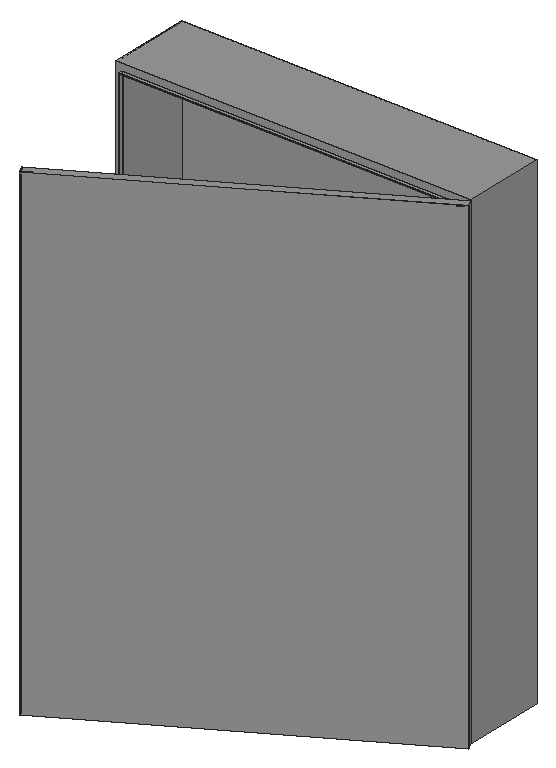
Revit family "Hager-Univers-IP54-D205-H1100-Cl.I-Encl-NoHosted-CH-it", category Electrical Equipment, Revit 2020
Family settings
  Panel Configuration = Two Columns, Circuits Across
  Round Connector Dimension = Use Diameter
  Part Type = Panelboard
  Work Plane-Based = Yes
  Always vertical = Yes
  Cut with Voids When Loaded = No
  Shared = No
  Room Calculation Point = No
Parameters (values of type "A parete IP54 L800 A1100 P205  - FP73TW2")
  Width Control [instance] = if([EF000008 - Larghezza] > Min Width, [EF000008 - Larghezza], Min Width)  # 800 mm
  Type Comments = [HG000003 - Gamma]  # "Univers"
  Thickness Door [instance] = if([EF009171 - spessore materiale porta/coperchio] > 3 mm, 3 mm, [EF009171 - spessore materiale porta/coperchio])  # 1 mm
  Seal Frame Offset [instance] = 17 mm  # constant formula
  Plinth Visibility [instance] = [HG000027 - Altezza dello zoccolo] > 0 mm  # no
  Min Width [instance] = 100 mm  # constant formula
  Min Depth [instance] = (2 * [EF009170 - spessore materiale scatola]) + 1 mm  # 3 mm
  Min Height [instance] = 100 mm  # constant formula
  Internal Frame Depth [instance] = (Door System Depth * 0.5)  # 9 mm
  Panel Name [instance] = ""  # (empty or 0)
  Model = ""
  HG000027 - Altezza dello zoccolo = 0 mm
  HG000026 - A pavimento = no
  HG000024 - Altezza della sezione inferiore = 600 mm
  HG000023 - Custodia a doppia sezione = no
  HG000016 - Visibilità delle porte nella vista 3D [instance] = yes
  HG000015 - Visibilità attraverso la porta [instance] = no
  HG000014 - Porta destra [instance] = yes
  HG000013 - Porta sinistra [instance] = not([HG000014 - Porta destra])  # no
  HG000012 - Angolo di apertura della porta [instance] = 30.00°
  HG000010 - Porte asimmetriche = no
  HG000009 - Porta doppia a battente = no
  HG000006 - Ad incasso = no
  HG000004 - Codice produttore = "FP73TW2"
  HG000003 - Gamma = "Univers"
  HG000002 - Con porta = yes
  Frame Offset Bottom [instance] = 10 mm  # constant formula
  Frame Offset [instance] = 15 mm  # constant formula
  EF015940 - Coprire con rilascio di sovrapressione = no
  EF011959 - tipo di protezione (NEMA) = ""
  EF009554 - numero delle aperture per la piastra della flangia = 6
  EF009212 - esecuzione coperchio = "EV000116 - chiuso"
  EF009171 - spessore materiale porta/coperchio = 1 mm
  EF009170 - spessore materiale scatola = 1 mm
  EF008873 - corrente nominale (In) = 250 A
  EF007800 - adatto per parafulmine = no
  EF006306 - con serratura = no
  EF006244 - coperchio/porta trasparente = no
  EF005474 - grado di protezione (IP) = "EV006419 - IP54"
  EF004464 - tipo di porta = "EV002646 - singolo"
  EF004427 - numero di moduli = 252
  EF004293 - resistenza agli urti = "EV006815 - IK09"
  EF003532 - adatto per uso esterno = no
  EF002950 - Numero moduli DIN = 36
  EF001613 - Integrità del circuito = "EV000494 - senza"
  EF001596 - Attacco Lampada = "EV000179 - acciaio"
  EF001131 - profondità interna = 130 mm
  EF001088 - possibilità di applicazione = yes
  EF000437 - numero di ingressi per conduttori = 6
  EF000339 - tipo di copertura = "EV001012 - coperchio"
  EF000266 - numero di file = 7
  EF000218 - profondità di incasso = 205 mm
  EF000118 - con piastra di montaggio = no
  EF000116 - numero RAL = "9010"
  EF000049 - profondità = 205 mm
  EF000040 - Altezza = 1100 mm
  EF000008 - Larghezza = 800 mm
  EF000007 - colore = "EV000202 - bianco"
  EF000003 - Tipo di montaggio = "EV000384 - A parete"
  Door System Leaf Tolerance [instance] = 1.5 mm  # constant formula
  Door System Depth [instance] = 18 mm  # constant formula
  Door Height [instance] = Height Control - [HG000027 - Altezza dello zoccolo]  # 1100 mm
  Description = ""
  Default Elevation = 1219.2 mm
  Connector Offset [instance] = Height Control / 2  # 550 mm
  Manufacturer = "Hager"  # constant formula
  Height Control [instance] = if([EF000040 - Altezza] > Min Height, [EF000040 - Altezza], Min Height)  # 1100 mm
  Depth Control [instance] = if([EF000049 - profondità] > Min Depth, [EF000049 - profondità], Min Depth)  # 205 mm
  Bottom Top Plate Trim [instance] = 1.5 mm  # constant formula
  Plinth height Ctrl [instance] = if([HG000027 - Altezza dello zoccolo] > 0 mm, [HG000027 - Altezza dello zoccolo], 12 mm)  # 12 mm
Types (4, lengths in mm): name | Width Control | HG000004 - Codice produttore | EF009554 - numero delle aperture per la piastra della flangia | EF004464 - tipo di porta | EF004427 - numero di moduli | EF002950 - Numero moduli DIN | EF000437 - numero di ingressi per conduttori | EF000008 - Larghezza
  A parete IP54 L1050 A1100 P205  - FP74TW2 | 1050 | "FP74TW2" | 8 | "EV003602 - doppio" | 336 | 48 | 8 | 1050
  A parete IP54 L1300 A1100 P205  - FP75TW2 | 1300 | "FP75TW2" | 10 | "EV003602 - doppio" | 420 | 60 | 10 | 1300
  A parete IP54 L550 A1100 P205  - FP72TW2 | 550 | "FP72TW2" | 4 | "EV002646 - singolo" | 168 | 24 | 4 | 550
  A parete IP54 L800 A1100 P205  - FP73TW2 | 800 | "FP73TW2" | 6 | "EV002646 - singolo" | 252 | 36 | 6 | 800
Reference planes
  plane 1 "Center (Front/Back)": y = 0
  plane 2: z = 0
  plane 3 "Center (Left/Right)": x = 0
  plane 4: y = 0
  plane 5: y = 0
  plane 6: z = 0
  plane 7: x = -400
  plane 8: x = 400
  plane 9: x = 399
  plane 10: x = -399
  plane 11: z = 0
  plane 12: z = 1
  plane 13: y = -205
  plane 14: y = -1
  plane 15: x = 0
  plane 16: y = -187
  plane 17: y = -204
  plane 18: y = -186
  plane 19: x = -384
  plane 20: x = 384
  plane 21: z = 11
  plane 22: x = -383
  plane 23: x = 383
  plane 24: z = 0
  plane 25: z = 1100
  plane 26: z = 1100
  plane 27: z = 1084
  plane 28: z = 1099
Forms (mm)
  Extrusion 1, solid, material "Hager_Steel_RAL7035_Light_Grey", detail levels medium+fine
    sketch origin (-208.679, -4572, 0) x (-1, 0, 0) y (0, -1, 0)
      loop
        line (191.321, -4385) -> (-608.679, -4385) -> (-608.679, -4572) -> (191.321, -4572) -> (191.321, -4385)
    from 0 to 1100
  Extrusion 2, void
    sketch origin (-350.771, -205, 1219.2) x (1, 0, 0) y (0, 0, 1)
      loop
        line (-48.229, -120.2) -> (-48.229, -1218.2) -> (749.771, -1218.2) -> (749.771, -120.2) -> (-48.229, -120.2)
    from -19 to -204
  Extrusion 3, void
    sketch origin (-290.084, -187, 1219.2) x (1, 0, 0) y (0, 0, 1)
      loop
        line (-93.916, -1208.2) -> (674.084, -1208.2) -> (674.084, -135.2) -> (-93.916, -135.2) -> (-93.916, -1208.2)
    from 0 to -1
  Extrusion 4, solid, material "Hager_Steel_RAL7035_Light_Grey", visible <- "Plinth Visibility", detail levels medium+fine
    sketch origin (0, 0, 0) x (1, 0, 0) y (0, 1, 0)
      loop
        line (-400, 0) -> (-400, -187) -> (400, -187) -> (400, 0) -> (-400, 0)
    from 0 to 12 <- "Plinth height Ctrl"
  Extrusion 5, solid, material "Hager_Steel_RAL7035_Light_Grey", detail levels coarse
    sketch origin (0, 0, 0) x (1, 0, 0) y (0, 1, 0)
      loop
        line (-400, 0) -> (-400, -205) -> (400, -205) -> (400, 0) -> (-400, 0)
    from 0 to 1100 <- "Height Control"
  Sweep 6, void
    path in 3D
      loop
        line (-400, -187, 12) -> (400, -187, 12) -> (400, 0, 12) -> (-400, 0, 12) -> (-400, -187, 12)
    profile origin (-400, -93.5, 12) x (1, 0, 0) y (0, 0, 1)
      loop
        line (0, 0) -> (0, -1.5) -> (1.5, -1.5)
        arc (1.5, -1.5) -> (1.061, -0.439) -> (0, 0) r 1.5
  Extrusion 7, solid, material "Hager_Steel_RAL7035_Light_Grey", detail levels fine
    sketch origin (-400, -187, 0) x (1, 0, 0) y (0, 0, 1)
      loop
        line (16, 11) -> (784, 11) -> (784, 1084) -> (16, 1084) -> (16, 11)
      loop
        line (15, 10) -> (785, 10) -> (785, 1085) -> (15, 1085) -> (15, 10)
    from 0 to 9 <- "Internal Frame Depth"
Cuts and joins
  Extrusion 2, Extrusion 3 cuts Extrusion 1
  Sweep 6 cuts Extrusion 4
Lines and regions (mm)
  Masking region 1
    outline origin (0, 0, 0) x (1, 0, 0) y (0, 1, 0)
      loop
        line (-400, 0) -> (-400, -205) -> (400, -205) -> (400, 0) -> (-400, 0)
  Masking region 2, detail levels coarse
    outline origin (-290.084, -187, 1219.2) x (-1, 0, 0) y (0, 0, 1)
      loop
        line (-690.084, -1219.2) -> (109.916, -1219.2) -> (109.916, -119.2) -> (-690.084, -119.2) -> (-690.084, -1219.2)
  Masking region 3, detail levels coarse
    outline origin (0, 0, 0) x (0, 1, 0) y (0, 0, 1)
      loop
        line (0, 0) -> (0, 1100) -> (-205, 1100) -> (-205, 0) -> (0, 0)
  Masking region 4, visible <- "Plinth Visibility", detail levels medium+fine
    outline origin (0, 0, 0) x (0, 1, 0) y (0, 0, 1)
      loop
        line (-1.5, 12) -> (-185.5, 12)
        arc (-185.5, 12) -> (-185.939, 10.939) -> (-187, 10.5) r 1.5
        line (-187, 10.5) -> (-187, 0) -> (0, 0) -> (0, 10.5)
        arc (0, 10.5) -> (-1.061, 10.939) -> (-1.5, 12) r 1.5
  Masking region 5, detail levels medium+fine
    outline origin (0, 0, 594.038) x (0, 1, 0) y (0, 0, 1)
      loop
        line (0, -594.038) -> (0, 505.962) -> (-187, 505.962) -> (-187, -594.038) -> (0, -594.038)
  Masking region 6, detail levels medium+fine
    outline origin (-359.7, -187, 1211.883) x (-1, 0, 0) y (0, 0, 1)
      loop
        line (-759.7, -1211.883) -> (40.3, -1211.883) -> (40.3, -111.883) -> (-759.7, -111.883) -> (-759.7, -1211.883)
  Masking region 7, visible <- "Plinth Visibility", detail levels medium+fine
    outline origin (-320.334, -187, 1041.368) x (-1, 0, 0) y (0, 0, 1)
      loop
        line (-720.334, -1041.368) -> (79.666, -1041.368) -> (79.666, -1030.868)
        arc (79.666, -1030.868) -> (78.606, -1030.429) -> (78.166, -1029.368) r 1.5
        line (78.166, -1029.368) -> (-718.834, -1029.368)
        arc (-718.834, -1029.368) -> (-719.273, -1030.429) -> (-720.334, -1030.868) r 1.5
        line (-720.334, -1030.868) -> (-720.334, -1041.368)
  sketch lines
    curve 1: line (-400, 0, 12) -> (-400, -187, 12)
    curve 2: line (-400, -187, 12) -> (400, -187, 12)
    curve 3: line (400, 0, 12) -> (-400, 0, 12)
    curve 4: line (400, -187, 12) -> (400, 0, 12)
Dimensions and locks
  locked: plane 1 "Center (Front/Back)" to plane 5
  "EF009170 - spessore materiale scatola": plane 7 to plane 10
  "EF009170 - spessore materiale scatola": plane 8 to plane 9
  equal spacing: plane 7, plane 3 "Center (Left/Right)", plane 8
  "Width Control": plane 7 to plane 8
  "Depth Control": plane 4 to plane 13
  "EF009170 - spessore materiale scatola": plane 4 to plane 14
  "Height Control": plane 25 to level
  "HG000027 - Altezza dello zoccolo": plane 11 to level
  "EF009170 - spessore materiale scatola": plane 12 to plane 11
  "EF009170 - spessore materiale scatola": plane 17 to plane 13
  "EF009170 - spessore materiale scatola": plane 18 to plane 16
  "Frame Offset Bottom": plane 21 to plane 12
  "Frame Offset": plane 10 to plane 19
  "Frame Offset": plane 9 to plane 20
  "Door System Depth": plane 16 to plane 13
  "Seal Frame Offset": plane 7 to plane 22
  "Seal Frame Offset": plane 8 to plane 23
  "EF009170 - spessore materiale scatola": plane 26 to plane 28
  "Frame Offset": plane 28 to plane 27
  "Connector Offset": plane 2 to connector elem
  "Bottom Top Plate Trim": profile plane to Sweep 6 sketch curve
  "Bottom Top Plate Trim": Sweep 6 sketch curve to Sweep 6 sketch curve
  "Plinth height Ctrl": Masking region 4 sketch curve to level
  "Plinth height Ctrl": Masking region 7 sketch curve to level
  "Thickness Door": Extrusion 7 sketch curve to Extrusion 7 sketch curve  (x4)
  "Bottom Top Plate Trim": radius of Sweep 6 sketch curve
  "Bottom Top Plate Trim": radius of Masking region 4 sketch curve  (x2)
  "Bottom Top Plate Trim": radius of Masking region 7 sketch curve  (x2)
  aligned and locked: Extrusion 2 sketch curve to plane 12
  aligned and locked: Extrusion 2 sketch curve to plane 9
  aligned and locked: Extrusion 2 sketch curve to plane 10
  aligned and locked: Extrusion 2 to plane 14
  aligned and locked: Extrusion 1 sketch curve to plane 4
  aligned and locked: plane 8 to Extrusion 1 sketch curve
  aligned and locked: plane 7 to Extrusion 1 sketch curve
  aligned and locked: Extrusion 2 to plane 18
  aligned and locked: Extrusion 3 sketch curve to plane 19
  aligned and locked: plane 20 to Extrusion 3 sketch curve
  aligned and locked: Extrusion 3 to Extrusion 2
  aligned and locked: Extrusion 3 sketch curve to plane 21
  aligned and locked: plane 3 "Center (Left/Right)" to nested 1
  aligned and locked: Extrusion 1 sketch curve to plane 16
  aligned and locked: Extrusion 4 sketch curve to cut or joined group of Extrusion 1, Extrusion 2, Extrusion 3
  aligned and locked: Masking region 1 sketch curve to plane 7
  aligned and locked: Masking region 1 sketch curve to plane 5
  aligned and locked: Masking region 1 sketch curve to plane 8
  aligned and locked: Masking region 2 sketch curve to level
  aligned and locked: level to Masking region 3 sketch curve
  aligned and locked: plane 1 "Center (Front/Back)" to Masking region 3 sketch curve
  aligned and locked: plane 13 to Masking region 3 sketch curve
  aligned and locked: plane 5 to Masking region 4 sketch curve
  aligned and locked: Masking region 2 sketch curve to plane 8
  aligned and locked: Masking region 2 sketch curve to plane 7
  aligned and locked: plane 7 to nested 2
  aligned and locked: nested 2 to plane 5
  aligned and locked: plane 5 to Masking region 5 sketch curve
  aligned and locked: plane 26 to Masking region 5 sketch curve
  aligned and locked: Extrusion 5 sketch curve to plane 8
  aligned and locked: Extrusion 5 sketch curve to plane 7
  aligned and locked: Extrusion 5 sketch curve to plane 5
  aligned and locked: Extrusion 3 sketch curve to plane 27
  aligned and locked: Extrusion 2 sketch curve to plane 28
  aligned and locked: Masking region 2 to plane 25
  aligned and locked: Extrusion 4 to plane 16
  aligned and locked: profile plane to Sweep 6 sketch curve
  aligned and locked: Masking region 5 sketch curve to plane 24
  aligned and locked: level to Masking region 4 sketch curve
  aligned and locked: Masking region 1 to plane 13
  aligned and locked: nested 1 to plane 16
  aligned and locked: Masking region 3 to plane 25
  aligned and locked: plane 16 to Masking region 4 sketch curve
  aligned and locked: Masking region 5 sketch curve to plane 16
  aligned and locked: plane 24 to plane 11
  aligned and locked: plane 26 to plane 25
  aligned and locked: plane 26 to cut or joined group of Extrusion 1, Extrusion 2, Extrusion 3
  aligned and locked: nested 1 to plane 24
  aligned and locked: Extrusion 1 to Extrusion 3
  aligned and locked: Masking region 6 sketch curve to plane 8
  aligned and locked: Masking region 6 sketch curve to plane 24
  aligned and locked: Masking region 6 sketch curve to plane 7
  aligned and locked: Masking region 6 sketch curve to plane 26
  aligned and locked: Masking region 7 sketch curve to plane 7
  aligned and locked: level to Masking region 7 sketch curve
  aligned and locked: Masking region 7 sketch curve to plane 8
  aligned and locked: Extrusion 7 sketch curve to cut or joined group of Extrusion 1, Extrusion 2, Extrusion 3  (x4)
Automatic sketch dimensions
  plane 19 to Extrusion 3 sketch curve = 0 mm
  Extrusion 3 sketch curve to plane 20 = 0 mm
  Extrusion 3 sketch curve to plane 21 = 0 mm
  Extrusion 4 sketch curve to plane 7 = 0 mm
  Extrusion 4 sketch curve to plane 8 = 0 mm
  Extrusion 4 sketch curve to plane 16 = 0 mm
  Masking region 1 sketch curve to plane 13 = 0 mm
  Masking region 2 sketch curve to plane 25 = 0 mm
  Masking region 3 sketch curve to plane 25 = 0 mm
  Extrusion 5 sketch curve to plane 13 = 0 mm
  profile plane to Sweep 6 sketch curve = 0 mm
Nested families
  nested 1: "EC000058_Univers_Door" at (0, -187, 0), Double <- "HG000009 - Porta doppia a battente", Transparent <- "EF006244 - coperchio/porta trasparente", Angle <- "HG000012 - Angolo di apertura della porta", Door_Right <- "HG000014 - Porta destra", Assymetrical <- "HG000010 - Porte asimmetriche", Door <- "HG000002 - Con porta", Width_Ctrl <- "Width Control", 3d_Door <- "HG000016 - Visibilità delle porte nella vista 3D", Clearance <- "HG000015 - Visibilità attraverso la porta", Door_Left <- "HG000013 - Porta sinistra", Width <- "Width Control", Door_Depth <- "Door System Depth", Leaf_Tolerance <- "Door System Leaf Tolerance", Height <- "Door Height", Lock_Visibility <- "EF006306 - con serratura", Thickness <- "Thickness Door", type "EC000058_Univers_Door", detail levels medium+fine
    with min_wh 3 mm, Width_Ctrl 800 mm, Width 800 mm, Transparent no, Thickness 1 mm, Seal_Material Hager_Rubber, Lock_Visibility no, Lock_Material Hager_Plastic_RAL9005_Jet_Black, Leaf_Width 800 mm, Leaf_Tolerance_External_Sides 0 mm, Leaf_Tolerance 1.5 mm, Leaf_Offset 0 mm, Leaf_Height 1097 mm, Leaf_2_Width 800 mm, Leaf_2_Offset 400 mm, Leaf_1_Width 800 mm, Leaf_1_Offset 400 mm, Height_Ctrl 1100 mm, Height 1100 mm, Glass_Material Hager_Glass, Double_Clearance_Ctrl no, Double no, Door_Right_Ctrl yes, Door_Right yes, Door_Material Hager_Steel_RAL7035_Light_Grey, Door_Left_Ctrl no, Door_Left no, Door_Depth 18 mm, Door yes, Clearance_Material Hager_Clearance, Clearance_Depth 800 mm, Clearance_Ctrl no, Clearance no, Assymetrical no, Angle 30.00°, 3d_Door yes
  nested 2: "Hager_Enclosure_Symbol" at (-400, 0, 0), Height <- "Depth Control", Width <- "Width Control", type "Hager_Enclosure_Symbol"
    with Width_Ctrl 800 mm, Width 800 mm, Height_Ctrl 205 mm, Height 205 mm, A_Width_Int 13.453 mm, A_Width 161.438 mm, A_Height_Ctrl 179.375 mm, A_Height 179.375 mm
Connectors
  electrical at (0, 0, 550)
    settings: on plane 1 "Center (Front/Back)", index 1, voltage 0 V, apparent load 0 VA, apparent load phase1 0 VA, apparent load phase2 0 VA, apparent load phase3 0 VA, power factor 1, load classification "Other", number of poles 1, system type 30, power factor state 1, is connector primary yes, connector utility no, sub classification motor no, connector description ""
Definition of nested family "EC000058_Univers_Door"
  Parameters (values of type "EC000058_Univers_Door")
    min_wh [instance] = (2 * Thickness) + 1 mm  # 11 mm
    Width_Ctrl [instance] = 400 mm
    Width [instance] = 500 mm
    Transparent [instance] = yes
    Thickness [instance] = 5 mm
    Seal_Material [instance] = none
    Lock_Visibility [instance] = yes
    Lock_Material [instance] = none
    Leaf_Width [instance] = if((Width_Ctrl - 2 * Leaf_Tolerance_External_Sides) > 0 mm, (Width_Ctrl - 2 * Leaf_Tolerance_External_Sides), min_wh)  # 400 mm
    Leaf_Tolerance_External_Sides [instance] = 0 mm  # constant formula
    Leaf_Tolerance [instance] = 1.5 mm
    Leaf_Offset [instance] = 0 mm  # constant formula
    Leaf_Height [instance] = if((Height_Ctrl - 2 * Leaf_Tolerance) > 0 mm, (Height_Ctrl - 2 * Leaf_Tolerance), min_wh)  # 497 mm
    Leaf_2_Width [instance] = if(and(and(Double, Assymetrical), Door_Left), (Leaf_Width / 3) - (Leaf_Tolerance / 2), if(and(and(Double, Assymetrical), Door_Right), (Leaf_Width / 3) * 2 - (Leaf_Tolerance / 2), if(and(Double, not(Assymetrical)), (Leaf_Width / 2) - Leaf_Tolerance, Leaf_Width)))  # 400 mm
    Leaf_2_Offset [instance] = if(and(Double, Assymetrical), Leaf_2_Width / 2, if(and(Double, not(Assymetrical)), Leaf_Width / 4, Leaf_Width / 2))  # 200 mm
    Leaf_1_Width [instance] = if(and(and(Double, Assymetrical), Door_Right), (Leaf_Width / 3) - (Leaf_Tolerance / 2), if(and(and(Double, Assymetrical), Door_Left), (Width / 3) * 2 - (Leaf_Tolerance / 2), if(and(Double, not(Assymetrical)), (Leaf_Width / 2) - Leaf_Tolerance, Leaf_Width)))  # 400 mm
    Leaf_1_Offset [instance] = if(and(Double, Assymetrical), Leaf_1_Width / 2, if(and(Double, not(Assymetrical)), Leaf_Width / 4, Leaf_Width / 2))  # 200 mm
    Height_Ctrl [instance] = if(Height > min_wh, Height, min_wh)  # 500 mm
    Height [instance] = 500 mm
    Glass_Material [instance] = none
    Double_Clearance_Ctrl [instance] = and(Double, Clearance)  # no
    Double [instance] = no
    Door_Right_Ctrl [instance] = and(or(Door_Right, Double), Door)  # yes
    Door_Right [instance] = yes
    Door_Material [instance] = none
    Door_Left_Ctrl [instance] = and(or(Door_Left, Double), Door)  # no
    Door_Left [instance] = no
    Door_Depth [instance] = 30 mm
    Door [instance] = yes
    Default Elevation = 1219.2 mm
    Clearance_Material [instance] = none
    Clearance_Depth [instance] = if(Leaf_1_Width > Leaf_2_Width, Leaf_1_Width, Leaf_2_Width)  # 400 mm
    Clearance_Ctrl [instance] = and(not(Double), Clearance)  # yes
    Clearance [instance] = yes
    Assymetrical [instance] = yes
    Angle [instance] = 30.00°
    3d_Door [instance] = yes
  Reference planes
    plane 1 "Center (Front/Back)": y = 0
    plane 2 "Bottom": z = 0
    plane 3 "Center (Left/Right)": x = 0
    plane 4: z = 500
    plane 5: x = -200
    plane 6: x = 200
    plane 7: z = 500
    plane 8: x = -200
    plane 9: z = 0
    plane 10: x = 200
    plane 11: y = 0
    plane 12: z = 1.5
    plane 13: x = -600
    plane 14: y = -400
    plane 15: x = 600
    plane 16: x = 0
    plane 17: x = 0
    plane 18: x = -200
    plane 19: x = 200
    plane 20: z = 498.5
  Forms (mm)
    Extrusion 1, solid, material <- "Clearance_Material", visible <- "Double_Clearance_Ctrl"
      sketch origin (1200, 0, 0) x (1, 0, 0) y (0, 0, -1)
        loop
          line (-1800, -498.5) -> (-600, -498.5) -> (-600, 0) -> (-1800, 0) -> (-1800, -498.5)
      from 0 to -400
  Dimensions and locks
    equal spacing: plane 5, plane 3 "Center (Left/Right)", plane 6
    "Width_Ctrl": plane 5 to plane 6
    "Leaf_Offset": plane 5 to plane 8
    "Leaf_Offset": plane 6 to plane 10
    "Leaf_Offset": plane 9 to level
    "Leaf_Offset": plane 4 to plane 7
    "Height_Ctrl": plane 4 to level
    "Leaf_Tolerance": plane 12 to plane 9
    locked: plane 11 to plane 1 "Center (Front/Back)"
    "Leaf_1_Offset": plane 18 to plane 16
    "Leaf_2_Offset": plane 17 to plane 19
    "Leaf_1_Width": plane 13 to plane 8
    "Leaf_2_Width": plane 10 to plane 15
    "Clearance_Depth": plane 14 to plane 1 "Center (Front/Back)"
    "Leaf_Tolerance_External_Sides": plane 8 to plane 18
    "Leaf_Tolerance_External_Sides": plane 19 to plane 10
    "Leaf_Tolerance": plane 7 to plane 20
    aligned and locked: level to plane 2 "Bottom"
    aligned and locked: nested 1 to plane 16
    aligned and locked: nested 2 to plane 17
    aligned and locked: Extrusion 1 to plane 13
    aligned and locked: plane 15 to Extrusion 1
    aligned and locked: Extrusion 1 to plane 14
    aligned and locked: plane 12 to nested 1
    aligned and locked: nested 2 to plane 12
    aligned and locked: Extrusion 1 to plane 11
    aligned and locked: plane 20 to Extrusion 1
    aligned and locked: nested 2 to plane 11
    aligned and locked: nested 1 to plane 11
  Automatic sketch dimensions
    Extrusion 1 sketch curve to level = 0 mm
    plane 5 to Extrusion 1 sketch curve = 400 mm
    plane 6 to Extrusion 1 sketch curve = 400 mm
    Extrusion 1 sketch curve to plane 4 = 1.5 mm
  Nested families
    nested 1: "EC000058_Univers_Door_Leaf" at (0, 0, 1.5), Width <- "Leaf_1_Width", visible <- "Door_Left_Ctrl", Leaf_Height <- "Leaf_Height", Angle <- "Angle", 3d_Door <- "3d_Door", Transparent <- "Transparent", Clearance Material <- "Clearance_Material", Clearance <- "Clearance_Ctrl", Door_Material <- "Door_Material", Glass_Material <- "Glass_Material", Door_Depth <- "Door_Depth", Lock_Material <- "Lock_Material", Seal_Material <- "Seal_Material", Lock_Visibility <- "Lock_Visibility", Thickness <- "Thickness", type "EC000058_Univers_Door_Leaf"
      with Width 400 mm, Transparent_Glass_Offset 30 mm, Transparent_Ctrl yes, Transparent yes, Thickness 5 mm, Standard no, Seal_Material none, Seal_D2 8 mm, Seal_D1 1 mm, Offset_Internal_Frame 10 mm, Lock_Width 20 mm, Lock_Visibility_3d yes, Lock_Visibility yes, Lock_Thickness_3 3 mm, Lock_Thickness_2 1 mm, Lock_Thickness_1 3 mm, Lock_Radius_Offset_2 16 mm, Lock_Radius_Offset_1 15 mm, Lock_Radius_2 5 mm, Lock_Radius 6 mm, Lock_Offset 5 mm, Lock_Material none, Lock_Height 80 mm, Lock_Cover_Top_Offset_2d 17 mm, Lock_Cover_Height -65 mm, Leaf_Height 497 mm, Internal_Seal_Thickness 8 mm, Internal_Seal_Depth_2 4.5 mm, Internal_Frame_Depth 25 mm, Glass_Thickness -1 mm, Glass_Offset -2 mm, Glass_Material none, Door_Material none, Door_Depth 30 mm, Clearance Material none, Clearance yes, Angle_Ctrl 30.00°, Angle 30.00°, 3d_Door yes
    nested 2: "EC000058_Univers_Door_Leaf" at (0, 0, 1.5) x (-1, 0, 0) z (0, 0, 1), Width <- "Leaf_2_Width", visible <- "Door_Right_Ctrl", Leaf_Height <- "Leaf_Height", Angle <- "Angle", 3d_Door <- "3d_Door", Transparent <- "Transparent", Clearance Material <- "Clearance_Material", Clearance <- "Clearance_Ctrl", Door_Material <- "Door_Material", Glass_Material <- "Glass_Material", Door_Depth <- "Door_Depth", Lock_Material <- "Lock_Material", Seal_Material <- "Seal_Material", Lock_Visibility <- "Lock_Visibility", Thickness <- "Thickness", type "EC000058_Univers_Door_Leaf"
      with Width 400 mm, Transparent_Glass_Offset 30 mm, Transparent_Ctrl yes, Transparent yes, Thickness 5 mm, Standard no, Seal_Material none, Seal_D2 8 mm, Seal_D1 1 mm, Offset_Internal_Frame 10 mm, Lock_Width 20 mm, Lock_Visibility_3d yes, Lock_Visibility yes, Lock_Thickness_3 3 mm, Lock_Thickness_2 1 mm, Lock_Thickness_1 3 mm, Lock_Radius_Offset_2 16 mm, Lock_Radius_Offset_1 15 mm, Lock_Radius_2 5 mm, Lock_Radius 6 mm, Lock_Offset 5 mm, Lock_Material none, Lock_Height 80 mm, Lock_Cover_Top_Offset_2d 17 mm, Lock_Cover_Height -65 mm, Leaf_Height 497 mm, Internal_Seal_Thickness 8 mm, Internal_Seal_Depth_2 4.5 mm, Internal_Frame_Depth 25 mm, Glass_Thickness -1 mm, Glass_Offset -2 mm, Glass_Material none, Door_Material none, Door_Depth 30 mm, Clearance Material none, Clearance yes, Angle_Ctrl 30.00°, Angle 30.00°, 3d_Door yes
  Definition of nested family "EC000058_Univers_Door_Leaf"
    Parameters (values of type "EC000058_Univers_Door_Leaf")
      Width [instance] = 2000 mm
      Transparent_Glass_Offset [instance] = 30 mm
      Transparent_Ctrl [instance] = and(Transparent, [3d_Door])  # yes
      Transparent [instance] = yes
      Thickness [instance] = 5 mm
      Standard [instance] = and(not(Transparent), [3d_Door])  # no
      Seal_Material [instance] = none
      Seal_D2 [instance] = 8 mm  # constant formula
      Seal_D1 [instance] = 1 mm  # constant formula
      Offset_Internal_Frame [instance] = 10 mm  # constant formula
      Lock_Width [instance] = 20 mm  # constant formula
      Lock_Visibility_3d [instance] = and(Lock_Visibility, [3d_Door])  # yes
      Lock_Visibility [instance] = yes
      Lock_Thickness_3 [instance] = 3 mm  # constant formula
      Lock_Thickness_2 [instance] = 1 mm  # constant formula
      Lock_Thickness_1 [instance] = 3 mm  # constant formula
      Lock_Radius_Offset_2 [instance] = Lock_Radius_Offset_1 + 1 mm  # 16 mm
      Lock_Radius_Offset_1 [instance] = 15 mm  # constant formula
      Lock_Radius_2 [instance] = Lock_Radius - 1 mm  # 5 mm
      Lock_Radius [instance] = 6 mm  # constant formula
      Lock_Offset [instance] = 5 mm  # constant formula
      Lock_Material [instance] = none
      Lock_Height [instance] = 80 mm  # constant formula
      Lock_Cover_Top_Offset_2d [instance] = Lock_Radius_Offset_2 + 1 mm  # 17 mm
      Lock_Cover_Height [instance] = -(Lock_Height - Lock_Radius_Offset_1)  # -65 mm
      Leaf_Height [instance] = 2720.336 mm
      Internal_Seal_Thickness [instance] = 8 mm  # constant formula
      Internal_Seal_Depth_2 [instance] = 4.5 mm  # constant formula
      Internal_Frame_Depth [instance] = if(Door_Depth - Thickness > 5 mm, Door_Depth - Thickness, 5 mm)  # 25 mm
      Glass_Thickness [instance] = if(Thickness > 15 mm, Glass_Offset + 10 mm, -1 mm)  # -1 mm
      Glass_Offset [instance] = if(Thickness > 15 mm, -(Thickness + 10 mm) / 2, -2 mm)  # -2 mm
      Glass_Material [instance] = none
      Door_Material [instance] = none
      Door_Depth [instance] = 30 mm
      Default Elevation = 0 mm
      Clearance Material [instance] = none
      Clearance [instance] = yes
      Angle_Ctrl [instance] = if(Angle > 180.00°, 180.00°, Angle)  # 90.00°
      Angle [instance] = 90.00°
      3d_Door [instance] = yes
    Reference planes
      plane 1 "Center (Front/Back)": y = 0
      plane 2: z = 0
      plane 3 "Center (Left/Right)": x = 0
      plane 4: y = 2000
      plane 5: x = -1000
      plane 6: x = 1000
      plane 7: x = -3000
      plane 8: z = 2720.336
      plane 9: z = 30
      plane 10: z = 2690.336
      plane 11: x = 970
      plane 12: x = -970
      plane 13: y = -3
      plane 14: z = 107.833
      plane 15: y = -5
      plane 16: y = -223.314
      plane 17: x = -1000
      plane 18: z = 1360.168
      plane 19: y = 30
    Forms (mm)
      Extrusion 1, solid, material <- "Clearance Material", visible <- "Clearance"
        sketch origin (0, 0, 0) x (1, 0, 0) y (0, 0, 1)
          loop
            line (-3000, 2720.336) -> (-3000, 0) -> (1000, 0) -> (1000, 2720.336) -> (-3000, 2720.336)
        from 0 to -2000
      Extrusion 2, solid, material <- "Door_Material", visible <- "Standard", detail levels medium+fine
        sketch origin (-1000, 0, 0) x (0, 1, 0) y (-1, 0, 0)
          loop
            line (0, 30) -> (0, 25) -> (2000, 25) -> (2000, 30) -> (0, 30)
        from 0 to 2720.336 <- "Leaf_Height"
      Extrusion 3, solid, material <- "Door_Material", visible <- "Transparent_Ctrl", detail levels medium+fine
        sketch origin (-1000, 0, 0) x (0, 1, 0) y (-1, 0, 0)
          loop
            line (0, 25) -> (2000, 25) -> (2000, 30) -> (0, 30) -> (0, 25)
        from 0 to 2720.336 <- "Leaf_Height"
      Extrusion 4, void
        sketch origin (-1025, 2000, 0) x (0, 1, 0) y (0, 0, -1)
          loop
            line (-30, -2690.336) -> (-30, -30) -> (-1970, -30) -> (-1970, -2690.336) -> (-30, -2690.336)
        from 0 to 5 <- "Thickness"
      Sweep 5, solid, material <- "Seal_Material", visible <- "Transparent_Ctrl", detail levels fine
        path in 3D
          loop
            line (-1025, 30, 30) -> (-1025, 30, 2690.336) -> (-1025, 1970, 2690.336) -> (-1025, 1970, 30) -> (-1025, 30, 30)
        profile origin (-1025, 1000, 30) x (1, 0, 0) y (0, 0, 1)
          loop
            line (0, 0) -> (0, -8) -> (1, -8) -> (1, 0) -> (0, 0)
      Extrusion 6, solid, material <- "Glass_Material", visible <- "Transparent_Ctrl", detail levels medium+fine
        sketch origin (-1030, 0, 0) x (0, 1, 0) y (0, 0, -1)
          loop
            line (1970, -2690.336) -> (1970, -30) -> (30, -30) -> (30, -2690.336) -> (1970, -2690.336)
        from -2 <- "Glass_Offset" to -1 <- "Glass_Thickness"
      Extrusion 7, solid, material <- "Door_Material", visible <- "3d_Door", detail levels medium+fine
        sketch origin (-1025, 2000, 0) x (0, -1, 0) y (0, 0, -1)
          loop
            line (0, -2720.336) -> (2000, -2720.336) -> (2000, 0) -> (0, 0) -> (0, -2720.336)
          loop
            line (1995, -5) -> (5, -5) -> (5, -2715.336) -> (1995, -2715.336) -> (1995, -5)
        from 0 to 25 <- "Internal_Frame_Depth"
      Sweep 8, solid, material <- "Seal_Material", visible <- "Transparent_Ctrl", detail levels fine
        path in 3D
          loop
            line (-1025, 0, 0) -> (-1025, 2000, 0) -> (-1025, 2000, 2720.336) -> (-1025, 0, 2720.336) -> (-1025, 0, 0)
        profile origin (-1025, 0, 1360.168) x (1, 0, 0) y (0, 1, 0)
          loop
            line (0, 10) -> (2.975, 10)
            arc (2.975, 10) -> (4.053, 10.447) -> (4.5, 11.525) r 1.525
            line (4.5, 11.525) -> (4.5, 16.527)
            arc (4.5, 16.527) -> (4.069, 17.569) -> (3.027, 18) r 1.473
            line (3.027, 18) -> (0, 18) -> (0, 10)
      Extrusion 9, solid, material <- "Lock_Material", visible <- "Lock_Visibility_3d", detail levels fine
        sketch origin (-1030, 0, 0) x (0, 1, 0) y (0, 0, -1)
          loop
            arc (1993.5, -1400.168) -> (1994.561, -1399.729) -> (1995, -1398.668) r 1.5
            line (1995, -1398.668) -> (1995, -1320.168) -> (1975, -1320.168) -> (1975, -1398.668)
            arc (1975, -1398.668) -> (1975.439, -1399.729) -> (1976.5, -1400.168) r 1.5
            line (1976.5, -1400.168) -> (1993.5, -1400.168)
        from 3 <- "Lock_Thickness_1" to 0
      Blend 10, solid, material <- "Lock_Material", visible <- "Lock_Visibility_3d", detail levels fine
        base sketch origin (-1033, 0, 0) x (0, 1, 0) y (0, 0, -1)
          loop
            line (1975, -1320.168) -> (1975, -1398.668)
            arc (1975, -1398.668) -> (1975.439, -1399.729) -> (1976.5, -1400.168) r 1.5
            line (1976.5, -1400.168) -> (1993.5, -1400.168)
            arc (1993.5, -1400.168) -> (1994.561, -1399.729) -> (1995, -1398.668) r 1.5
            line (1995, -1398.668) -> (1995, -1320.168) -> (1975, -1320.168)
        top sketch origin (-1033, 0, 0) x (0, 1, 0) y (0, 0, -1)
          loop
            line (1976, -1320.168) -> (1976, -1398.668)
            arc (1976, -1398.668) -> (1976.146, -1399.022) -> (1976.5, -1399.168) r 0.5
            line (1976.5, -1399.168) -> (1993.5, -1399.168)
            arc (1993.5, -1399.168) -> (1993.854, -1399.022) -> (1994, -1398.668) r 0.5
            line (1994, -1398.668) -> (1994, -1320.168) -> (1976, -1320.168)
        from 0 to 1 <- "Lock_Thickness_2"
      Blend 11, solid, material <- "Lock_Material", visible <- "Lock_Visibility_3d", detail levels fine
        base sketch origin (-1034, 0, 0) x (0, 1, 0) y (0, 0, -1)
          loop
            line (1978, -1320.168) -> (1978, -1384.168)
            arc (1978, -1384.168) -> (1985, -1391.168) -> (1992, -1384.168) r 7
            line (1992, -1384.168) -> (1992, -1320.168) -> (1978, -1320.168)
        top sketch origin (-1034, 0, 0) x (0, 1, 0) y (0, 0, -1)
          loop
            line (1991, -1320.168) -> (1979, -1320.168) -> (1979, -1383.168)
            arc (1979, -1383.168) -> (1985, -1389.168) -> (1991, -1383.168) r 6
            line (1991, -1383.168) -> (1991, -1320.168)
        from 0 to 3 <- "Lock_Thickness_3"
      Extrusion 12, solid, material <- "Lock_Material", visible <- "Lock_Visibility_3d", detail levels fine
        sketch origin (-1030, 1975, 1320.168) x (1, 0, 0) y (0, -1, 0)
          loop
            line (-7, -19) -> (-7, -1) -> (0, -1) -> (0, 0) -> (-8, 0) -> (-8, -20) -> (0, -20) -> (0, -19) -> (-7, -19)
        from 0 to -65 <- "Lock_Cover_Height"
      Extrusion 13, void
        sketch origin (-1038, 1995, 1320.168) x (-1, 0, 0) y (0, 0, -1)
          loop
            line (-5, -65) -> (0, -65) -> (-5, -60) -> (-5, -65)
        from 0 to 20 <- "Lock_Width"
      Extrusion 14, void
        sketch origin (-1038, 1975, 1320.168) x (0, -1, 0) y (0, 0, -1)
          loop
            circle (-10, -15.995) r 6
          loop
            circle (-10, -15.995) r 5
        from 0 to 2
      Extrusion 15, solid, material <- "Lock_Material", visible <- "Lock_Visibility_3d", detail levels medium
        sketch origin (-1030, 0, 0) x (0, 1, 0) y (0, 0, -1)
          loop
            arc (1993.5, -1400.168) -> (1994.561, -1399.729) -> (1995, -1398.668) r 1.5
            line (1995, -1398.668) -> (1995, -1320.168) -> (1975, -1320.168) -> (1975, -1398.668)
            arc (1975, -1398.668) -> (1975.439, -1399.729) -> (1976.5, -1400.168) r 1.5
            line (1976.5, -1400.168) -> (1993.5, -1400.168)
        from 8 to 0
    Cuts and joins
      Extrusion 4 cuts Extrusion 3
      Extrusion 13, Extrusion 14 cuts Extrusion 9
      Extrusion 14 cuts Blend 11
      Extrusion 13, Extrusion 14 cuts Extrusion 12
      joined: Extrusion 9, Blend 10, Blend 11, Extrusion 12
      Extrusion 14 cuts Extrusion 15
    Lines and regions (mm)
      Masking region 1, visible <- "Lock_Visibility", detail levels fine
        outline origin (0, 0, 0) x (0, 1, 0) y (0, 0, 1)
          loop
            line (30, 1320.168) -> (33, 1320.168) -> (33, 1400.168) -> (30, 1400.168) -> (30, 1320.168)
      Masking region 2, visible <- "Lock_Visibility", detail levels fine
        outline origin (0, 3.143, 0) x (0, 1, 0) y (0, 0, 1)
          loop
            line (29.857, 1354.168) -> (30.857, 1354.168) -> (30.857, 1366.168) -> (29.857, 1366.168) -> (29.857, 1354.168)
      Masking region 3, detail levels medium+fine
        outline origin (0, 0, 0) x (0, 1, 0) y (0, 0, 1)
          loop
            line (0, 0) -> (30, 0) -> (30, 2720.336) -> (0, 2720.336) -> (0, 0)
      Masking region 4, detail levels medium+fine
        outline origin (0, 0, 0) x (1, 0, 0) y (0, 0, 1)
          loop
            line (-1000, 2720.336) -> (-1000, 0) -> (1000, 0) -> (1000, 2720.336) -> (-1000, 2720.336)
      Masking region 5, visible <- "Lock_Visibility", detail levels fine
        outline origin (-47.116, 0, 0) x (1, 0, 0) y (0, 0, 1)
          loop
            arc (1024.616, 1399.168) -> (1023.556, 1398.729) -> (1023.116, 1397.668) r 1.5
            line (1023.116, 1397.668) -> (1023.116, 1320.168) -> (1041.116, 1320.168) -> (1041.116, 1397.668)
            arc (1041.116, 1397.668) -> (1040.677, 1398.729) -> (1039.616, 1399.168) r 1.5
            line (1039.616, 1399.168) -> (1024.616, 1399.168)
      Masking region 6, visible <- "Lock_Visibility", detail levels medium+fine
        outline origin (-25, 0, 0) x (1, 0, 0) y (0, 0, 1)
          loop
            arc (1001.5, 1400.168) -> (1000.439, 1399.729) -> (1000, 1398.668) r 1.5
            line (1000, 1398.668) -> (1000, 1320.168) -> (1020, 1320.168) -> (1020, 1398.668)
            arc (1020, 1398.668) -> (1019.561, 1399.729) -> (1018.5, 1400.168) r 1.5
            line (1018.5, 1400.168) -> (1001.5, 1400.168)
      Masking region 7, visible <- "Lock_Visibility", detail levels fine
        outline origin (-73.735, 0, 0) x (1, 0, 0) y (0, 0, 1)
          loop
            line (1051.735, 1382.168) -> (1065.735, 1382.168) -> (1065.735, 1384.168)
            arc (1065.735, 1384.168) -> (1058.735, 1391.168) -> (1051.735, 1384.168) r 7
            line (1051.735, 1384.168) -> (1051.735, 1382.168)
      Masking region 8, visible <- "Lock_Visibility", detail levels fine
        outline origin (-73.735, 0, 0) x (1, 0, 0) y (0, 0, 1)
          loop
            line (1052.735, 1382.168) -> (1064.735, 1382.168) -> (1064.735, 1383.168)
            arc (1064.735, 1383.168) -> (1058.735, 1389.168) -> (1052.735, 1383.168) r 6
            line (1052.735, 1383.168) -> (1052.735, 1382.168)
      Masking region 9, visible <- "Lock_Visibility", detail levels fine
        outline origin (-25, 0, 0) x (1, 0, 0) y (0, 0, 1)
          loop
            line (1020, 1320.168) -> (1020, 1382.168) -> (1000, 1382.168) -> (1000, 1320.168) -> (1020, 1320.168)
      Masking region 10, detail levels medium+fine
        outline origin (0, 0, 0) x (1, 0, 0) y (0, 0, 1)
          loop
            circle (985, 1335.144) r 6
      Masking region 11, detail levels fine
        outline origin (0, 0, 0) x (1, 0, 0) y (0, 0, 1)
          loop
            circle (985, 1335.144) r 5
      Masking region 12, visible <- "Lock_Visibility", detail levels fine
        outline origin (0, 12.767, 0) x (0, 1, 0) y (0, 0, 1)
          loop
            line (20.233, 1320.168) -> (21.233, 1320.168) -> (21.233, 1399.168) -> (20.233, 1400.168) -> (20.233, 1320.168)
      Masking region 13, visible <- "Lock_Visibility", detail levels fine
        outline origin (0, 13.767, -10) x (0, 1, 0) y (0, 0, 1)
          loop
            line (20.233, 1330.168) -> (23.233, 1330.168) -> (23.233, 1399.168) -> (20.233, 1402.168) -> (20.233, 1330.168)
      Masking region 14, visible <- "Lock_Visibility", detail levels fine
        outline origin (0, 12.767, -10) x (0, 1, 0) y (0, 0, 1)
          loop
            line (20.233, 1330.168) -> (25.233, 1330.168) -> (25.233, 1399.305) -> (20.233, 1394.305) -> (20.233, 1330.168)
      Masking region 15, visible <- "Lock_Visibility", detail levels medium
        outline origin (0, 0, 0) x (0, 1, 0) y (0, 0, 1)
          loop
            line (30, 1320.168) -> (38, 1320.168) -> (38, 1400.168) -> (30, 1400.168) -> (30, 1320.168)
      Masking region 16, visible <- "Lock_Visibility", detail levels fine
        outline origin (-1000, 0, 0) x (0, 1, 0) y (-1, 0, 0)
          loop
            line (1975, 30) -> (1995, 30) -> (1995, 38) -> (1975, 38) -> (1975, 30)
          loop
            line (1979, 37) -> (1976, 37) -> (1976, 34) -> (1978, 34) -> (1979, 37)
          loop
            line (1994, 37) -> (1991, 37) -> (1992, 34) -> (1994, 34) -> (1994, 37)
      Masking region 17, visible <- "Lock_Visibility", detail levels medium
        outline origin (-1000, 0, 0) x (0, 1, 0) y (-1, 0, 0)
          loop
            line (1975, 30) -> (1995, 30) -> (1995, 38) -> (1975, 38) -> (1975, 30)
      symbolic lines
        curve 1: line (1000, 0, 0) -> (-3000, 0, 0)
        curve 2: arc (1000, 0, 0) -> (-1000, 2000, 0) -> (-3000, 0, 0) r 2000
        curve 4: line (-1030, 0, 0) -> (-1030, 2000, 0)
      reference lines
        curve 3: line (-1000, 0, 0) -> (-1000, 2000, 0)
      symbolic lines, detail levels medium+fine
        curve 5: line (-1030, 2000, 0) -> (-1025, 2000, 0)
        curve 7: line (-1025, 0, 0) -> (-1030, 0, 0)
        curve 8: line (-1025, 0, 0) -> (-1000, 0, 0)
        curve 9: line (-1000, 0, 0) -> (-1000, 2000, 0)
        curve 10: line (-1000, 2000, 0) -> (-1025, 2000, 0)
      symbolic lines, detail levels fine
        curve 6: line (-1025, 2000, 0) -> (-1025, 0, 0)
      sketch lines
        curve 11: line (-1025, 0, 2720.336) -> (-1025, 0, 0)
        curve 12: line (-1025, 2000, 0) -> (-1025, 0, 0)
        curve 13: line (-1025, 2000, 2720.336) -> (-1025, 2000, 0)
        curve 14: line (-1025, 0, 2720.336) -> (-1025, 2000, 2720.336)
        curve 15: line (-1025, 1970, 30) -> (-1025, 30, 30)
        curve 16: line (-1025, 30, 30) -> (-1025, 30, 2690.336)
        curve 17: line (-1025, 1970, 2690.336) -> (-1025, 1970, 30)
        curve 18: line (-1025, 30, 2690.336) -> (-1025, 1970, 2690.336)
      symbolic lines, visible <- "Transparent", detail levels medium+fine
        curve 19: line (-970, 0, 2690.336) -> (970, 0, 2690.336)
        curve 20: line (-970, 0, 30) -> (-970, 0, 2690.336)
        curve 21: line (970, 0, 30) -> (-970, 0, 30)
        curve 22: line (970, 0, 2690.336) -> (970, 0, 30)
    Dimensions and locks
      "Width": plane 1 "Center (Front/Back)" to plane 4
      equal spacing: plane 5, plane 3 "Center (Left/Right)", plane 6
      "Width": plane 5 to plane 6
      "Width": plane 7 to plane 5
      "Leaf_Height": plane 8 to level
      "Width": curve 5 to curve 3
      "Width": curve 3 to curve 3
      plane 8 to plane 10 = 30 mm
      plane 9 to level = 30 mm
      plane 12 to plane 5 = 30 mm
      plane 6 to plane 11 = 30 mm
      Extrusion 1 to Extrusion 4 sketch curve = 30 mm
      "Transparent_Glass_Offset": curve 3 to Extrusion 4 sketch curve
      "Transparent_Glass_Offset": Extrusion 4 sketch curve to cut or joined group of Extrusion 3, Extrusion 4  (x2)
      cut or joined group of Extrusion 3, Extrusion 4 to Extrusion 6 sketch curve = 30 mm
      "Transparent_Glass_Offset": cut or joined group of Extrusion 3, Extrusion 4 to Extrusion 4 sketch curve
      "Thickness": curve 6 to curve 4
      "Thickness": Extrusion 7 sketch curve to Extrusion 7 sketch curve  (x4)
      "Door_Depth": curve 4 to curve 3
      "Offset_Internal_Frame": profile plane to Sweep 8 sketch curve
      "Internal_Seal_Thickness": Sweep 8 sketch curve to Sweep 8 sketch curve
      "Internal_Seal_Depth_2": profile plane to Sweep 8 sketch curve
      "Seal_D1": profile plane to Sweep 5 sketch curve
      "Seal_D2": profile plane to Sweep 5 sketch curve
      "Thickness": Extrusion 2 sketch curve to Extrusion 2 sketch curve
      equal spacing: Extrusion 9 sketch curve, plane 18, Extrusion 9 sketch curve  (x2)
      equal spacing: Masking region 1 sketch curve, plane 18, Masking region 1 sketch curve
      "Lock_Height": Masking region 1 sketch curve to Masking region 1 sketch curve
      "Lock_Radius": Masking region 2 sketch curve to plane 18 to Masking region 2 sketch curve
      Masking region 2 sketch curve to Masking region 1 = 1 mm
      "Door_Depth": plane 19 to plane 1 "Center (Front/Back)"
      "Lock_Thickness_1": Masking region 1 sketch curve to plane 19
      "Lock_Width": Extrusion 9 sketch curve to Extrusion 9 sketch curve
      "Lock_Height": Extrusion 9 sketch curve to Extrusion 9 sketch curve
      "Lock_Offset": cut or joined group of Extrusion 3, Extrusion 4 to Extrusion 9 sketch curve
      equal spacing: plane 8, plane 18, level
      "Lock_Radius_Offset_1": Blend 11 sketch curve to Blend 10
      locked: Blend 10 to Blend 11 sketch curve at 2  (x2)
      locked: var sketch to Blend 11 sketch curve at 1  (x2)
      "Lock_Radius_Offset_2": Blend 11 sketch curve to Blend 10
      locked: Extrusion 12 sketch curve to Extrusion 12 sketch curve at 1  (x3)
      Masking region 6 sketch curve to Masking region 6 sketch curve = 80 mm
      "Lock_Height": Masking region 6 sketch curve to Masking region 6 sketch curve
      "Lock_Width": Masking region 6 sketch curve to Masking region 6 sketch curve
      locked: Masking region 6 to Masking region 5 sketch curve at 1  (x3)
      locked: Masking region 5 to Masking region 7 sketch curve at 2  (x2)
      "Lock_Radius_Offset_1": Masking region 5 to Masking region 7 sketch curve
      "Lock_Radius_Offset_2": Masking region 5 to Masking region 8 sketch curve
      locked: Masking region 7 to Masking region 8 sketch curve at 1  (x2)
      "Lock_Cover_Top_Offset_2d": Masking region 5 to Masking region 9 sketch curve
      equal spacing: Masking region 9, Masking region 10 sketch curve, Masking region 9
      equal spacing: Masking region 9, Masking region 11 sketch curve, Masking region 9
      Extrusion 15 sketch curve to Extrusion 15 sketch curve = 80 mm
      "Lock_Width": Extrusion 15 sketch curve to Extrusion 15 sketch curve
      "Lock_Height": Extrusion 15 sketch curve to Extrusion 15 sketch curve
      equal spacing: Extrusion 15 sketch curve, plane 18, Extrusion 15 sketch curve
      "Lock_Thickness_3": Masking region 13 sketch curve to Masking region 13 sketch curve
      "Lock_Height": Masking region 12 sketch curve to Masking region 12 sketch curve
      locked: Masking region 13 sketch curve to Masking region 1 at 8
      locked: Masking region 14 sketch curve to Masking region 13 at 1
      locked: Masking region 14 sketch curve to Masking region 1 at 10.863
      "Lock_Height": Masking region 15 sketch curve to Masking region 15 sketch curve
      "Lock_Offset": Extrusion 15 sketch curve to cut or joined group of Extrusion 3, Extrusion 4
      "Lock_Offset": plane 6 to Masking region 6 sketch curve
      radius of Sweep 8 sketch curve = 1.525 mm
      radius of Sweep 8 sketch curve = 1.473 mm
      radius of Extrusion 9 sketch curve = 1.5 mm  (x2)
      "Lock_Radius": radius of Extrusion 14 sketch curve
      "Lock_Radius_2": radius of Extrusion 14 sketch curve
      "Lock_Radius": radius of Masking region 10 sketch curve
      "Lock_Radius_2": radius of Masking region 11 sketch curve
      radius of Extrusion 15 sketch curve = 1.5 mm  (x2)
      "Angle_Ctrl": angle plane 1 "Center (Front/Back)" to curve 3
      locked: Masking region 12 sketch curve to Masking region 12 sketch curve (angle 45.00°)
      locked: Masking region 13 sketch curve to Masking region 13 sketch curve (angle 45.00°)
      locked: Masking region 14 sketch curve to Masking region 14 sketch curve (angle 45.00°)
      aligned and locked: level to plane 2
      aligned and locked: Extrusion 1 to curve 1
      aligned and locked: plane 6 to Extrusion 1
      aligned and locked: Extrusion 1 to plane 1 "Center (Front/Back)"
      aligned and locked: plane 4 to Extrusion 1
      aligned and locked: plane 8 to Extrusion 1
      aligned and locked: curve 7 to Extrusion 2 sketch curve
      aligned and locked: curve 5 to Extrusion 2 sketch curve
      aligned and locked: curve 7 to Extrusion 3 sketch curve
      aligned and locked: Extrusion 3 sketch curve to curve 4
      aligned and locked: Extrusion 3 sketch curve to curve 6
      aligned and locked: Extrusion 3 sketch curve to curve 5
      aligned and locked: curve 9 to curve 3
      aligned and locked: Extrusion 7 sketch curve to cut or joined group of Extrusion 3, Extrusion 4  (x4)
      aligned and locked: plane 17 to curve 3
      aligned and locked: plane 1 "Center (Front/Back)" to curve 3
      aligned and locked: plane 17 to plane 5
      aligned and locked: Sweep 8 sketch curve to profile plane
      aligned and locked: Sweep 5 sketch curve to profile plane  (x2)
      aligned and locked: Masking region 1 to Masking region 2 sketch curve
      aligned and locked: plane 19 to Masking region 1 sketch curve
      aligned and locked: plane 1 "Center (Front/Back)" to Masking region 3 sketch curve
      aligned and locked: plane 19 to Masking region 3 sketch curve
      aligned and locked: level to Masking region 3 sketch curve
      aligned and locked: Masking region 3 sketch curve to plane 8
      aligned and locked: plane 17 to Masking region 4 sketch curve
      aligned and locked: level to Masking region 4 sketch curve
      aligned and locked: Masking region 4 sketch curve to plane 8
      aligned and locked: plane 12 to curve 20
      aligned and locked: plane 10 to curve 19
      aligned and locked: plane 11 to curve 22
      aligned and locked: curve 21 to plane 9
      aligned and locked: Extrusion 2 sketch curve to cut or joined group of Extrusion 3, Extrusion 4
      aligned and locked: Blend 10 sketch curve to Extrusion 9  (x4)
      aligned and locked: Extrusion 9 to Blend 10 sketch curve
      aligned and locked: Blend 10 to Blend 11 sketch curve
      aligned and locked: Extrusion 12 sketch curve to Blend 11
      aligned and locked: Extrusion 12 sketch curve to Extrusion 9  (x4)
      aligned and locked: Masking region 5 sketch curve to Masking region 6
      aligned and locked: Masking region 9 sketch curve to Masking region 6  (x3)
      aligned and locked: Masking region 12 sketch curve to Masking region 1
      aligned and locked: Masking region 13 sketch curve to Masking region 1
      aligned and locked: Masking region 12 to Masking region 14
      aligned and locked: Masking region 14 sketch curve to Masking region 1
      aligned and locked: Masking region 15 sketch curve to Masking region 14
      aligned and locked: Masking region 13 sketch curve to Masking region 12
      aligned and locked: Masking region 16 sketch curve to cut or joined group of Extrusion 14, Extrusion 15  (x4)
      aligned and locked: Masking region 16 sketch curve to cut or joined group of Extrusion 9, Blend 10, Blend 11, Extrusion 12, Extrusion 13, Extrusion 14  (x6)
      aligned and locked: cut or joined group of Extrusion 9, Blend 10, Blend 11, Extrusion 12, Extrusion 13, Extrusion 14 to Masking region 16 sketch curve
      aligned and locked: Masking region 17 sketch curve to cut or joined group of Extrusion 14, Extrusion 15  (x3)
      aligned and locked: Masking region 17 sketch curve to cut or joined group of Extrusion 9, Blend 10, Blend 11, Extrusion 12, Extrusion 13, Extrusion 14
      aligned and locked: Masking region 9 to Masking region 8 sketch curve
      aligned and locked: Masking region 9 to Masking region 7 sketch curve
    Automatic sketch dimensions
      plane 1 "Center (Front/Back)" to curve 2 = 0 mm
      curve 2 to plane 5 = 0 mm
      Extrusion 1 sketch curve to level = 0 mm
      Extrusion 1 sketch curve to plane 7 = 0 mm
      Extrusion 1 sketch curve to plane 6 = 0 mm
      Extrusion 1 sketch curve to plane 8 = 0 mm
      Extrusion 3 to Extrusion 6 sketch curve = 30 mm  (x4)
      Masking region 4 sketch curve to plane 6 = 0 mm
      Blend 10 sketch curve to Extrusion 9 = 1.5 mm
      Blend 10 sketch curve to Extrusion 9 = 1 mm
      Extrusion 13 sketch curve to Extrusion 12 = 0 mm  (x2)
      Extrusion 12 to Extrusion 13 sketch curve = 3 mm
      Extrusion 13 sketch curve to Extrusion 12 = 5 mm
      Extrusion 14 sketch curve to Extrusion 14 sketch curve = 0 mm  (x2)
      Extrusion 14 sketch curve to Extrusion 12 = 10 mm
      Extrusion 14 sketch curve to Extrusion 12 = 15.995 mm
      Masking region 5 sketch curve to Masking region 5 sketch curve = 1.5 mm  (x2)
      Masking region 10 sketch curve to plane 18 = 25.024 mm
      Masking region 11 sketch curve to plane 18 = 25.024 mm
      plane 19 to Masking region 14 sketch curve = 3 mm
      Masking region 16 sketch curve to Masking region 16 sketch curve = 3 mm
      curve 4 to curve 3 = 0 mm
      Blend 10 to Blend 11 sketch curve = 0 mm
      Masking region 6 sketch curve to Masking region 6 sketch curve = 1.5 mm  (x2)
      Masking region 6 sketch curve to plane 18 = 40 mm
      plane 19 to Masking region 12 sketch curve = 3 mm
      Masking region 12 sketch curve to Masking region 12 sketch curve = 1 mm
      Masking region 15 sketch curve to plane 19 = 0 mm
      Masking region 15 sketch curve to plane 18 = 40 mm
      radius of Blend 10 sketch curve to Extrusion 9 = 1 mm
Definition of nested family "Hager_Enclosure_Symbol"
  Parameters (values of type "Hager_Enclosure_Symbol")
    Width_Ctrl [instance] = if(Width > 1 mm, Width, 1 mm)  # 102.27 mm
    Width [instance] = 102.27 mm
    Height_Ctrl [instance] = if(Height > 1 mm, Height, 1 mm)  # 66.5 mm
    A_Width_Int [instance] = if(A_Width / 12 > 2 mm, A_Width / 12, 2 mm)  # 4.364 mm
    A_Width [instance] = if(A_Height_Ctrl * 0.9 > 2 mm, A_Height_Ctrl * 0.9, 2 mm)  # 52.369 mm
    A_Height_Ctrl [instance] = if(A_Height > 2 mm, A_Height, 2 mm)  # 58.188 mm
    Height [instance] = 66.5 mm
    A_Height [instance] = Height - (Height / 8)  # 58.188 mm
  Reference planes
    plane 1 "Centre (avant/arrière)": y = 0
    plane 2: z = 0
    plane 3 "Centre (gauche/droite)": x = 0
    plane 4: x = 52.369
    plane 5: y = 33.042
    plane 6: y = 41.77
    plane 7: y = 66.5
    plane 8: x = 26.184
    plane 9: y = 37.406
    plane 10: x = 102.27
    plane 11: y = 66.5
    plane 12: y = 8.313
  Lines and regions (mm)
    Filled region 1, type "Solid_Black", in view "Niveau de réf."
      outline origin (0, 0, 0) x (1, 0, 0) y (0, 1, 0)
        loop
          line (52.369, 66.5) -> (33.188, 54.536) -> (45.365, 45.006) -> (52.369, 66.5)
    Filled region 2, type "Solid_Black", in view "Niveau de réf."
      outline origin (0, 0, 0) x (1, 0, 0) y (0, 1, 0)
        loop
          line (0, 0) -> (102.27, 0) -> (102.27, 66.5) -> (0, 0)
    detail lines, in view "Niveau de réf."
      curve 1: line (0, 8.313, 0) -> (26.184, 41.77, 0)
      curve 2: line (26.184, 41.77, 0) -> (26.184, 33.042, 0)
      curve 3: line (26.184, 33.042, 0) -> (52.369, 66.5, 0)
  Dimensions and locks
    "A_Width": plane 3 "Centre (gauche/droite)" to plane 4
    equal spacing: plane 3 "Centre (gauche/droite)", plane 8, plane 4
    equal spacing: plane 6, plane 9, plane 5
    equal spacing: curve 3, Filled region 1 sketch curve, Filled region 1 sketch curve
    "Height_Ctrl": plane 1 "Centre (avant/arrière)" to plane 11
    "A_Height_Ctrl": plane 11 to plane 12
    equal spacing: plane 11, plane 9, plane 12
    "A_Width_Int": plane 6 to plane 9
    "Width_Ctrl": plane 3 "Centre (gauche/droite)" to plane 10
    angle Filled region 1 sketch curve to curve 3 = 20.00°
    angle curve 3 to Filled region 1 sketch curve = 20.00°
    locked: curve 3 to Filled region 1 sketch curve (angle 90.00°)
    aligned and locked: plane 10 to Filled region 2
    aligned and locked: plane 11 to Filled region 2 sketch curve
    aligned and locked: plane 10 to Filled region 2 sketch curve
    aligned and locked: plane 3 "Centre (gauche/droite)" to curve 1
    aligned and locked: plane 12 to curve 1
    aligned and locked: plane 7 to plane 11
  Automatic sketch dimensions
    Filled region 1 sketch curve to plane 4 = 0 mm
    Filled region 1 sketch curve to plane 7 = 0 mm
    plane 1 "Centre (avant/arrière)" to Filled region 2 sketch curve = 0 mm
    Filled region 2 sketch curve to plane 3 "Centre (gauche/droite)" = 0 mm
    curve 2 to plane 6 = 0 mm
    curve 2 to plane 8 = 0 mm
    curve 3 to plane 4 = 0 mm
    curve 2 to plane 5 = 0 mm
    curve 3 to plane 7 = 0 mm
